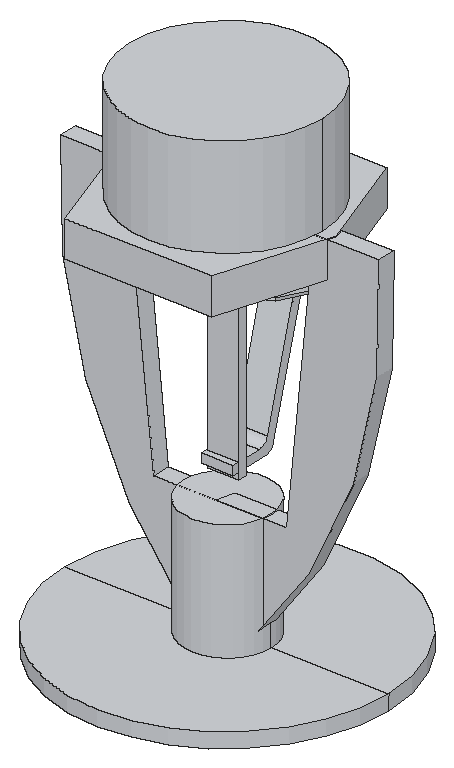
Revit family
Parameters (values of type "RASCO N252 EC PENDENT")
  Temperature Rating = 165 °F
  Response = (empty or 0)
  RASCO SIN # = "RA08A2"
  RASCO Part # = "EC251B"
  Pressure Rating = "175 PSI"
  Pressure Class = (empty or 0)
  Orifice Size = 1"
  Orifice = (empty or 0)
  Model = "N252 EC"
  Manufacturer = "RASCO"
  K-Factor = 25.2
  Description = "BRONZE FINISH"
  Coverage = 1
Reference planes (in)
  plane 1 "Center (Front/Back)": y = 0
  plane 2: z = 0
  plane 3 "Center (Left/Right)": x = 0
Nested families (in)
  nested 1: "RASCO- EC251B" at (0, -0.28517, 3.60324) x (-1, 0, 0) z (0, 0, -1), type "RASCO N252 EC PENDENT"
Connectors (in)
  piping at (0, -0.28517, 3.60324)
    settings: on nested 1, index 1, connector radius 11/16", flow factor 0, pipe flow 0 GPM, pressure drop 0.00 psi, fitting loss kfactor 0, connector angle 0.00°, fixture units 0, flow configuration 0, flow direction 0, fitting loss method 0, system type 7, connector reference index -1, connector utility 0, adjustable connector no, is connector primary yes, fitting loss table "", connector description ""
Definition of nested family "RASCO- EC251B"
  Parameters (values of type "RASCO N252 EC PENDENT")
    Type Comments = ""
    Temperature Rating = 0 °F
    Response = (empty or 0)
    Pressure Rating = "0"
    Pressure Class = (empty or 0)
    Orifice Size = 0"
    Orifice = (empty or 0)
    Model = ""
    Manufacturer = ""
    K-Factor = 0
    Description = ""
    Coverage = (empty or 0)
    Assembly Code = ""
  Reference planes (in)
    plane 1 "Center (Front/Back)": y = 0
    plane 2: z = 0
    plane 3 "ref.2": z = 0.6875
    plane 4 "ref.3": z = 0.9375
    plane 5: x = -0.38065
    plane 6: x = 0.36935
    plane 7 "ref. side 1": y = 0.06402
    plane 8 "ref. side 2": y = -0.06098
    plane 9 "ref.4": z = 2.6
    plane 10 "ref.5": z = 3.6
    plane 11 "center": x = -0.00574
    plane 12 "clip": through (0, 0.52703, 1.36085) normal (0, 0.2756, -0.9613)
  Forms (in)
    Extrusion 1, solid
      sketch origin (0, 0, 0) x (1, 0, 0) y (0, 1, 0)
        loop
          circle (0, 0) r 0.659
      from 0 to 0.6875
    Extrusion 2, solid
      sketch origin (-0.12185, 0.05177, 0.6875) x (1, 0, 0) y (0, 1, 0)
        loop
          line (-0.37766, 0.70082) -> (-0.6339, -0.05177) -> (-0.3889, -0.80818) -> (0.62234, -0.80818) -> (0.8661, -0.05177) -> (0.62234, 0.70082) -> (-0.37766, 0.70082)
      from 0 to 0.25
    Extrusion 3, solid
      sketch origin (0, 0, 0) x (1, 0, 0) y (0, 0, 1)
        loop
          line (-1.09324, 0.6875) -> (-0.62034, 0.6875) -> (-0.62034, 0.96854)
          arc (-0.62034, 0.96854) -> (-0.58056, 1.76334) -> (-0.46159, 2.55019) r 7.95835
          line (-0.46159, 2.55019) -> (0.44697, 2.55019)
          arc (0.44697, 2.55019) -> (0.56668, 1.78042) -> (0.60672, 1.00242) r 7.57793
          line (0.60672, 1.00242) -> (0.60672, 0.6875) -> (1.08176, 0.6875)
          arc (1.08176, 0.6875) -> (0.90757, 2.11947) -> (0.17997, 3.36505) r 3.56334
          line (0.17997, 3.36505) -> (-0.19366, 3.36505)
          arc (-0.19366, 3.36505) -> (-0.92012, 2.11923) -> (-1.09324, 0.6875) r 3.563
      from -0.06402 to 0.06098
    Extrusion 4, solid
      sketch origin (-0.00199, 0, 3.1625) x (-1, 0, 0) y (0, -1, 0)
        loop
          circle (0.00574, -0.00152) r 0.3
      from -0.61231 to 0.4375
    Revolve 5, solid
      sketch origin (-0.0011, 0, 1.03138) x (1, 0, 0) y (0, 0, 1)
        loop
          line (-0.19255, 2.33367) -> (-0.19255, 2.43679) -> (-0.34939, 2.43679) -> (-1.11507, 2.43679) -> (-1.11507, 2.33367) -> (-0.19255, 2.33367)
        axis (-0.00574, 2.33367) -> (-0.00574, 2.43679)
      angle from 0 to 360
    Extrusion 6, solid
      sketch origin (0, 0, 0.9375) x (-1, 0, 0) y (0, -1, 0)
        loop
          line (-0.10175, -0.02852) -> (0.11324, -0.02852) -> (0.11324, 0.03101) -> (-0.10175, 0.03101) -> (-0.10175, -0.02852)
      from 0 to 1.45629
    Extrusion 7, solid
      sketch origin (-0.00574, 0, 0) x (0, 0, -1) y (0, -1, 0)
        loop
          line (-2.34418, 0.08154) -> (-2.34418, -0.18975)
          arc (-2.34418, -0.18975) -> (-2.3294, -0.23392) -> (-2.29102, -0.2603) r 0.07339
          line (-2.29102, -0.2603) -> (-1.29471, -0.54599) -> (-1.27823, -0.48852) -> (-2.23088, -0.21535)
          arc (-2.23088, -0.21535) -> (-2.26901, -0.18915) -> (-2.28369, -0.14527) r 0.07291
          line (-2.28369, -0.14527) -> (-2.28369, 0.08154) -> (-2.34418, 0.08154)
      from -0.1075 to 0.1075
    Extrusion 8, solid
      sketch origin (0, -0.32053, 1.11781) x (0, 0.961262, 0.275637) y (1, 0, 0)
        loop
          line (0.84059, -0.34079) -> (0.916, -0.26539) -> (0.916, 0.24563) -> (0.84145, 0.32018) -> (0.33718, 0.32018) -> (0.26218, 0.24518) -> (0.26218, -0.26617) -> (0.3368, -0.34079) -> (0.84059, -0.34079)
      from -0.01906 to 0
  Cuts and joins
    joined: Extrusion 1, Extrusion 2, Revolve 5
